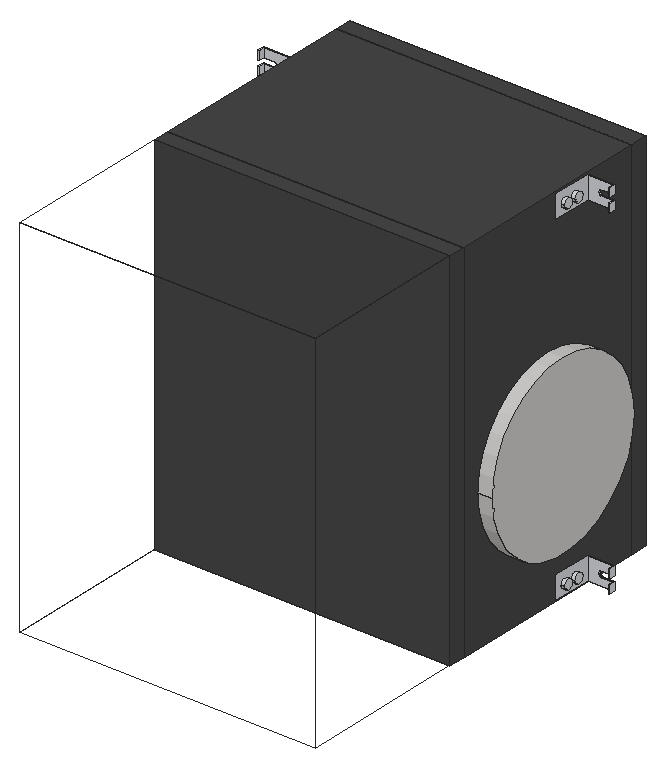
Revit family "Capsule V 310-1600", category Оборудование, Revit 2019
Family settings
  Размер круглого соединителя = Использовать диаметр
  Классификация = Нет
  Тип детали = Нормальный
  На основе рабочей плоскости = Нет
  Всегда вертикально = Да
  При загрузке вырезать с полостями = Нет
  Общий = Нет
  Точка расчета площади = Нет
Parameters (values of type "VBox 1600")
  угол = atan((Высота_вв * 2) / Dn)  # 9.72758°
  СЗ Справа [instance] = yes
  СЗ Слева [instance] = no
  СЗ_фильтры = 300 mm
  СЗ КА [instance] = yes
  Крепеж Y = 23 mm
  Крепеж X = 52.09 mm
  Защелка_от_оси = 28 mm
  Защелка X = 60.956 mm
  Высота_вв = 27 mm
  Толщина крышки = 30.5 mm
  С глубина = 437 mm
  ВВ_от_н_кр = 250 mm
  В_крепежа = 10 mm
  Dn = 315 mm
  B высота = 656 mm
  ADSK_Ток = 1.1 A
  ADSK_Свободный напор воздуха = 306.0 Pa
  ADSK_Расход воздуха приточный = 1600.0 m³/h
  ADSK_Примечание [instance] = ""
  ADSK_Позиция [instance] = ""
  ADSK_Номинальная мощность = 330 W
  ADSK_Напряжение = 220 V
  ADSK_Наименование = "Компактная вытяжная установка"  # constant formula
  ADSK_Масса = 70
  ADSK_Марка = "VBox 1600"
  ADSK_Количество фаз = 1
  ADSK_Количество = 1
  ADSK_Код изделия = ""
  ADSK_Завод-изготовитель = "ООО «Турков»"  # constant formula
  ADSK_Единица измерения = "шт."  # constant formula
  A ширина = 528 mm
  600+ = no
Types (4, lengths in mm): name | угол | СЗ_фильтры | Крепеж X | Защелка_от_оси | Защелка X | С глубина | ВВ_от_н_кр | Dn | B высота | ADSK_Ток | ADSK_Свободный напор воздуха | ADSK_Расход воздуха приточный | ADSK_Номинальная мощность | ADSK_Масса | ADSK_Марка | A ширина | 600+
  VBox 590 | 15.1096° | 300 | 52.09 | 28 | 60.956 | 280 | 165 | 200 | 452 | 1.2 A | 539.0 Pa | 510.0 m³/h | 160 W | 40 | "VBox 590" | 550 | yes
  VBox 400 | 18.6495° | 250 | 7.3 | 12 | 65.3 | 250 | 150 | 160 | 410 | 0.9 A | 490.0 Pa | 310.0 m³/h | 105 W | 35 | "VBox 400" | 590 | yes
  VBox 1100 | 12.1886° | 300 | 52.09 | 28 | 60.956 | 387 | 225 | 250 | 556 | 1.1 A | 140.0 Pa | 1100.0 m³/h | 165 W | 60 | "VBox 1100" | 528 | no
  VBox 1600 | 9.72758° | 300 | 52.09 | 28 | 60.956 | 437 | 250 | 315 | 656 | 1.1 A | 306.0 Pa | 1600.0 m³/h | 330 W | 70 | "VBox 1600" | 528 | no
Reference planes
  plane 1 "По центру (Вперед/Назад)": y = 0
  plane 2: z = 0
  plane 3 "По центру (Влево/Вправо)": x = 0
  plane 4: y = 218.5
  plane 5: x = 264
  plane 6: x = -264
  plane 7: y = -218.5
  plane 8: y = 188
  plane 9: y = -188
  plane 10: z = 656
  plane 11: z = 756
  plane 12: x = -291
  plane 13: x = 291
  plane 14: x = -274
  plane 15: x = 274
  plane 16: y = 518.5
  plane 17: y = -518.5
Forms (mm)
  Extrusion 1, solid, material "Сталь(1)", detail levels medium+fine
    sketch origin (0, 0, 0) x (1, 0, 0) y (0, 1, 0)
      loop
        line (-264, 188) -> (-264, -188) -> (264, -188) -> (264, 188) -> (-264, 188)
    from 0 to 656
  Extrusion 2, solid, material "Сталь(1)", detail levels medium+fine
    sketch origin (0, 0, 0) x (1, 0, 0) y (0, 1, 0)
      loop
        line (-264, 218.5) -> (-264, 188) -> (264, 188) -> (264, 218.5) -> (-264, 218.5)
      loop
        line (-264, -188) -> (-264, -218.5) -> (264, -218.5) -> (264, -188) -> (-264, -188)
    from 0 to 656
  Extrusion 3, solid, material "Сталь, Оцинкованная", detail levels medium+fine
    sketch origin (-264, 1693.855, 1200) x (0, 1, 0) y (0, 0, 1)
      loop
        circle (-1693.855, -950) r 157.5
    from 0 to -27
  Extrusion 4, solid, material "Сталь, Оцинкованная", detail levels medium+fine
    sketch origin (284, 1693.855, 1175.535) x (0, 1, 0) y (0, 0, -1)
      loop
        circle (-1693.855, 925.535) r 157.5
    from 20 to -7
  Extrusion 5, solid, material "Сервисная зона", visible <- "СЗ Слева", detail levels fine
    sketch origin (-708.552, -1524, 656) x (-1, 0, 0) y (0, -1, 0)
      loop
        line (-444.552, -2042.5) -> (-444.552, -1742.5) -> (-972.552, -1742.5) -> (-972.552, -2042.5) -> (-444.552, -2042.5)
    from 0 to -656
  Extrusion 6, solid, material "Сервисная зона", visible <- "СЗ Справа", detail levels fine
    sketch origin (0, 0, 0) x (1, 0, 0) y (0, 1, 0)
      loop
        line (-264, -218.5) -> (-264, -518.5) -> (264, -518.5) -> (264, -218.5) -> (-264, -218.5)
    from 0 to 656
Lines and regions (mm)
  reference lines
    curve 1: line (-264, 152.462, 22) -> (-264, -16.038, 22)
    curve 25: line (-225, 0, 240) -> (-225, 0, 265)
    curve 26: line (80, 0, 250) -> (70, 0, 250)
    curve 27: line (80, 0, 250) -> (80, 0, 270)
    curve 34: line (225, 0, 240) -> (225, 0, 265)
  model lines, detail levels coarse
    curve 2: line (68.5, 0, 656) -> (264, 0, 656)
    curve 3: line (-264, 0, 0) -> (-264, 0, 656)
    curve 4: line (264, 0, 0) -> (68.5, 0, 0)
    curve 5: line (264, 0, 656) -> (264, 0, 0)
    curve 6: line (264, 0, 250) -> (291, 0, 407.5)
    curve 7: line (291, 0, 407.5) -> (291, 0, 92.5)
    curve 8: line (291, 0, 92.5) -> (264, 0, 250)
    curve 9: line (-291, 0, 250) -> (-264, 0, 407.5)
    curve 10: line (-291, 0, 250) -> (-264, 0, 92.5)
    curve 11: circle (0, 0, 250) r 80 normal (0, -1, 0)
    curve 12: line (-80, 0, 250) -> (40, 0, 180.718)
    curve 13: line (40, 0, 180.718) -> (40, 0, 319.282)
    curve 14: line (40, 0, 319.282) -> (-80, 0, 250)
    curve 21: line (-225, 0, 250) -> (-80, 0, 250)
    curve 31: circle (200, 0, 250) r 25 normal (0, 1, 0)
    curve 32: line (235.355, 0, 285.355) -> (164.645, 0, 214.645)
    curve 33: line (175, 0, 250) -> (80, 0, 250)
  model lines
    curve 15: line (-264, 0, 656) -> (264, 0, 656)
    curve 16: line (-264, 0, 0) -> (264, 0, 0)
  model lines, not visible, detail levels coarse
    curve 17: circle (0, 0, 182.926) r 80 normal (0, -1, 0)
    curve 18: line (-80, 0, 182.926) -> (40, 0, 113.644)
    curve 19: line (40, 0, 113.644) -> (40, 0, 252.208)
    curve 20: line (40, 0, 252.208) -> (-80, 0, 182.926)
    curve 22: line (-225, 0, 182.926) -> (-80, 0, 182.926)
    curve 35: circle (200, 0, 182.926) r 25 normal (0, 1, 0)
    curve 36: line (235.355, 0, 218.281) -> (164.645, 0, 147.571)
    curve 37: line (175, 0, 182.926) -> (80, 0, 182.926)
  model lines, style "УГО", detail levels coarse
    curve 23: line (80, 0, 250) -> (264, 0, 250)
    curve 24: line (-225, 0, 250) -> (-264, 0, 250)
  reference lines, not visible
    curve 28: line (-225, 0, 172.926) -> (-225, 0, 197.926)
    curve 29: line (80, 0, 182.926) -> (70, 0, 182.926)
    curve 30: line (80, 0, 182.926) -> (80, 0, 202.926)
    curve 38: line (225, 0, 172.926) -> (225, 0, 197.926)
Dimensions and locks
  equal spacing: plane 6, plane 3 "По центру (Влево/Вправо)", plane 5
  equal spacing: plane 4, plane 1 "По центру (Вперед/Назад)", plane 7
  "A ширина": plane 6 to plane 5
  "С глубина": plane 4 to plane 7
  "Толщина крышки": plane 4 to plane 8
  "Толщина крышки": plane 9 to plane 7
  "B высота": plane 10 to plane 2
  plane 11 to plane 10 = 100 mm
  "ВВ_от_н_кр": Extrusion 3 sketch curve to plane 2
  "Высота_вв": plane 12 to plane 6
  Extrusion 4 to plane 2 = 250 mm
  "Высота_вв": plane 5 to plane 13
  "ВВ_от_н_кр": Extrusion 4 sketch curve to plane 2
  "В_крепежа": plane 6 to plane 14
  "В_крепежа": plane 15 to plane 5
  "СЗ_фильтры": plane 16 to plane 4
  "СЗ_фильтры": plane 7 to plane 17
  curve 11 to plane 6 = 264 mm
  "ВВ_от_н_кр": curve 10 to plane 2
  "ВВ_от_н_кр": curve 8 to plane 2
  "Dn": curve 9 to curve 10
  "Dn": curve 7 to curve 8
  "Защелка X": plane 6 to nested 4
  "Защелка X": plane 6 to nested 1
  "Защелка X": nested 3 to plane 5
  "Защелка X": nested 2 to plane 5
  "Защелка_от_оси": plane 1 "По центру (Вперед/Назад)" to nested 4
  "Защелка_от_оси": nested 1 to plane 1 "По центру (Вперед/Назад)"
  "Защелка_от_оси": plane 1 "По центру (Вперед/Назад)" to nested 3
  "Защелка_от_оси": nested 2 to plane 1 "По центру (Вперед/Назад)"
  "Защелка X": plane 6 to nested 8
  "Защелка X": plane 6 to nested 5
  "Защелка X": nested 7 to plane 5
  "Защелка X": nested 6 to plane 5
  "Защелка_от_оси": plane 1 "По центру (Вперед/Назад)" to nested 7
  "Защелка_от_оси": nested 6 to plane 1 "По центру (Вперед/Назад)"
  locked: plane 10 to nested 9 at 106
  "ВВ_от_н_кр": curve 26 to plane 2
  "ВВ_от_н_кр": curve 23 to plane 2
  "Крепеж Y": plane 10 to nested 10
  "Крепеж Y": plane 10 to nested 13
  "Крепеж Y": nested 12 to plane 2
  "Крепеж Y": nested 11 to plane 2
  "Крепеж X": nested 10 to plane 1 "По центру (Вперед/Назад)"
  "Крепеж X": plane 1 "По центру (Вперед/Назад)" to nested 13
  "Крепеж X": nested 11 to plane 1 "По центру (Вперед/Назад)"
  "Крепеж X": plane 1 "По центру (Вперед/Назад)" to nested 12
  "Крепеж Y": plane 10 to nested 15
  "Крепеж Y": plane 10 to nested 14
  "Крепеж X": nested 15 to plane 1 "По центру (Вперед/Назад)"
  "Крепеж X": plane 1 "По центру (Вперед/Назад)" to nested 14
  "Крепеж X": nested 16 to plane 1 "По центру (Вперед/Назад)"
  "Крепеж X": plane 1 "По центру (Вперед/Назад)" to nested 17
  "Крепеж Y": nested 16 to plane 2
  "Крепеж Y": nested 17 to plane 2
  "Dn": diameter of Extrusion 3 sketch curve
  "Dn": diameter of Extrusion 4 sketch curve
  "Dn": diameter of Extrusion 4
  locked: curve 13 to curve 12 (angle 60.00°)
  locked: curve 14 to curve 13 (angle 60.00°)
  "угол": angle curve 9 to plane 6
  "угол": angle plane 6 to curve 10
  "угол": angle curve 6 to plane 13
  "угол": angle plane 13 to curve 8
  locked: curve 19 to curve 18 (angle 60.00°)
  locked: curve 20 to curve 19 (angle 60.00°)
  aligned and locked: level to plane 2
  aligned and locked: Extrusion 1 sketch curve to plane 8
  aligned and locked: plane 6 to Extrusion 1 sketch curve
  aligned and locked: plane 9 to Extrusion 1 sketch curve
  aligned and locked: Extrusion 1 sketch curve to plane 5
  aligned and locked: plane 10 to Extrusion 1
  aligned and locked: plane 6 to Extrusion 2 sketch curve  (x2)
  aligned and locked: plane 8 to Extrusion 2 sketch curve
  aligned and locked: Extrusion 2 sketch curve to plane 5  (x2)
  aligned and locked: Extrusion 2 sketch curve to plane 4
  aligned and locked: Extrusion 2 sketch curve to plane 9
  aligned and locked: plane 7 to Extrusion 2 sketch curve
  aligned and locked: plane 10 to Extrusion 2
  aligned and locked: Extrusion 2 to plane 2
  aligned and locked: Extrusion 3 to plane 12
  aligned and locked: plane 6 to Extrusion 3
  aligned and locked: plane 13 to Extrusion 4
  aligned and locked: Extrusion 4 to plane 5
  aligned and locked: Extrusion 5 sketch curve to plane 16
  aligned and locked: plane 6 to Extrusion 5 sketch curve
  aligned and locked: plane 4 to Extrusion 5 sketch curve
  aligned and locked: Extrusion 5 sketch curve to plane 5
  aligned and locked: Extrusion 5 to plane 10  (x3)
  aligned and locked: Extrusion 5 to plane 2
  aligned and locked: plane 2 to Extrusion 5  (x2)
  aligned and locked: Extrusion 5 to plane 4
  aligned and locked: plane 4 to Extrusion 2
  aligned and locked: plane 16 to Extrusion 5
  aligned and locked: curve 2 to plane 10
  aligned and locked: plane 6 to curve 3
  aligned and locked: plane 2 to curve 4
  aligned and locked: curve 5 to plane 5
  aligned and locked: plane 5 to curve 8
  aligned and locked: curve 7 to plane 13
  aligned and locked: plane 6 to curve 9
  aligned and locked: plane 5 to Extrusion 4
  aligned and locked: curve 15 to plane 10
  aligned and locked: curve 16 to plane 2
  aligned and locked: plane 17 to Extrusion 6 sketch curve
  aligned and locked: Extrusion 6 sketch curve to plane 5
  aligned and locked: plane 6 to Extrusion 6 sketch curve
  aligned and locked: Extrusion 6 sketch curve to plane 7
  aligned and locked: plane 10 to Extrusion 6
  aligned and locked: nested 9 to plane 1 "По центру (Вперед/Назад)"
  aligned and locked: curve 25 to curve 24
  aligned and locked: curve 26 to curve 24
  aligned and locked: curve 23 to curve 26
  aligned and locked: curve 27 to curve 27
  aligned and locked: plane 2 to nested 5
  aligned and locked: plane 2 to nested 8
  aligned and locked: plane 2 to nested 6
  aligned and locked: plane 2 to nested 7
  aligned and locked: plane 6 to nested 10
  aligned and locked: plane 6 to nested 11
  aligned and locked: nested 11 to plane 6
  aligned and locked: plane 6 to nested 13
  aligned and locked: plane 6 to nested 12
  aligned and locked: nested 15 to plane 5
  aligned and locked: plane 5 to nested 15
  aligned and locked: nested 14 to plane 5
  aligned and locked: plane 5 to nested 14
  aligned and locked: plane 5 to nested 17
  aligned and locked: nested 16 to plane 5
  aligned and locked: curve 25 to curve 21
  aligned and locked: curve 33 to curve 27
  aligned and locked: curve 28 to curve 22
  aligned and locked: curve 37 to curve 30
Automatic sketch dimensions
  plane 1 "По центру (Вперед/Назад)" to curve 1 = 16.038 mm
  level to curve 1 = 22 mm
  curve 1 to plane 8 = 35.538 mm
  curve 26 to curve 26 = 10 mm
  curve 25 to curve 26 = 295 mm
  curve 27 to curve 34 = 145 mm
  curve 25 to curve 26 = 10 mm
  curve 34 to curve 26 = 10 mm
  curve 34 to curve 34 = 25 mm
  curve 25 to curve 25 = 25 mm
  curve 26 to curve 27 = 20 mm
  curve 11 to curve 31 = 200 mm
  curve 31 to curve 11 = 0 mm
  curve 12 to curve 11 = 80 mm
  curve 21 to curve 14 = 145 mm
  curve 13 to curve 33 = 40 mm
  curve 12 to curve 13 = 0 mm
  curve 14 to curve 13 = 0 mm
  curve 32 to curve 31 = 35.355 mm
  curve 33 to curve 31 = 25 mm
  curve 31 to curve 32 = 35.355 mm  (x2)
  curve 33 to curve 31 = 0 mm
  curve 32 to curve 33 = 35.355 mm
  curve 21 to curve 14 = 0 mm
  curve 29 to curve 29 = 10 mm
  curve 28 to curve 29 = 295 mm
  curve 30 to curve 38 = 145 mm
  curve 28 to curve 29 = 10 mm
  curve 38 to curve 29 = 10 mm
  curve 38 to curve 38 = 25 mm
  curve 28 to curve 28 = 25 mm
  curve 29 to curve 30 = 20 mm
  curve 17 to curve 35 = 200 mm
  curve 35 to curve 17 = 0 mm
  curve 18 to curve 17 = 80 mm
  curve 22 to curve 20 = 145 mm
  curve 19 to curve 37 = 40 mm
  curve 18 to curve 19 = 0 mm
  curve 20 to curve 19 = 0 mm
  curve 36 to curve 35 = 35.355 mm
  curve 37 to curve 35 = 25 mm
  curve 35 to curve 36 = 35.355 mm  (x2)
  curve 37 to curve 35 = 0 mm
  curve 36 to curve 37 = 35.355 mm
  curve 22 to curve 20 = 0 mm
  Extrusion 3 sketch curve to plane 1 "По центру (Вперед/Назад)" = 0 mm
  Extrusion 4 sketch curve to plane 1 "По центру (Вперед/Назад)" = 0 mm
  plane 3 "По центру (Влево/Вправо)" to curve 4 = 68.5 mm
  plane 3 "По центру (Влево/Вправо)" to curve 2 = 68.5 mm
  plane 3 "По центру (Влево/Вправо)" to curve 23 = 80 mm
Nested families
  nested 1: "Защелка" at (-203.044, -81.25, 656), visible <- "600+", type "Защелка", detail levels medium+fine
  nested 2: "Защелка" at (203.044, -81.25, 656), visible <- "600+", type "Защелка", detail levels medium+fine
  nested 3: "Защелка" at (203.044, 81.25, 656) x (-1, 0, 0) z (0, 0, 1), visible <- "600+", type "Защелка", detail levels medium+fine
  nested 4: "Защелка" at (-203.044, 81.25, 656) x (-1, 0, 0) z (0, 0, 1), visible <- "600+", type "Защелка", detail levels medium+fine
  nested 5: "Защелка" at (-203.044, -81.25, -14.3), visible <- "600+", type "Защелка", detail levels medium+fine
  nested 6: "Защелка" at (203.044, -81.25, -14.3), visible <- "600+", type "Защелка", detail levels medium+fine
  nested 7: "Защелка" at (203.044, 81.25, -14.3) x (-1, 0, 0) z (0, 0, 1), visible <- "600+", type "Защелка", detail levels medium+fine
  nested 8: "Защелка" at (-203.044, 81.25, -14.3) x (-1, 0, 0) z (0, 0, 1), visible <- "600+", type "Защелка", detail levels medium+fine
  nested 9: "коробочка на вв Capsule" at (-264, 0, 550) x (0, 0, -1) z (-1, 0, 0), type "коробочка на вв Capsule"
  nested 10: "Крепежный уголок" at (-264, 52.09, 633) x (0, 0, 1) z (-1, 0, 0), visible <- "СЗ Справа", type "Крепежный уголок", detail levels coarse+fine
    with СЗ Справа yes
  nested 11: "Крепежный уголок" at (-264, 52.09, 23) x (0, 0, 1) z (-1, 0, 0), visible <- "СЗ Справа", type "Крепежный уголок", detail levels coarse+fine
    with СЗ Справа yes
  nested 12: "Крепежный уголок" at (-264, -52.09, 23) x (0, 0, -1) z (-1, 0, 0), visible <- "СЗ Слева", type "Крепежный уголок", detail levels coarse+fine
    with СЗ Справа yes
  nested 13: "Крепежный уголок" at (-264, -52.09, 633) x (0, 0, -1) z (-1, 0, 0), visible <- "СЗ Слева", type "Крепежный уголок", detail levels coarse+fine
    with СЗ Справа yes
  nested 14: "Крепежный уголок" at (264, 52.09, 633) x (0, 0, -1) z (1, 0, 0), visible <- "СЗ Справа", type "Крепежный уголок", detail levels coarse+fine
    with СЗ Справа yes
  nested 15: "Крепежный уголок" at (264, -52.09, 633) x (0, 0, 1) z (1, 0, 0), visible <- "СЗ Слева", type "Крепежный уголок", detail levels coarse+fine
    with СЗ Справа yes
  nested 16: "Крепежный уголок" at (264, -52.09, 23) x (0, 0, 1) z (1, 0, 0), visible <- "СЗ Слева", type "Крепежный уголок", detail levels coarse+fine
    with СЗ Справа yes
  nested 17: "Крепежный уголок" at (264, 52.09, 23) x (0, 0, -1) z (1, 0, 0), visible <- "СЗ Справа", type "Крепежный уголок", detail levels coarse+fine
    with СЗ Справа yes
Connectors
  hvac at (291, 0, 250), driven by "Dn"
    settings: on Extrusion 4, index 1, duct flow 0.0 m³/h, flow factor 0, pres drop 0.0 Pa, loss coef 0, conn angle 0.00°, conn width 304.8 mm, conn height 304.8 mm, conn diameter 315 mm, duct sys type 3, conn prof type 0, flow config 0, flow direction 1, loss method 0, conn ref index -1, conn util no, is conn primary yes, conn desc ""
  hvac at (-291, 0, 250), driven by "Dn"
    settings: on Extrusion 3, index 2, duct flow 0.0 m³/h, flow factor 0, pres drop 0.0 Pa, loss coef 0, conn angle 0.00°, conn width 304.8 mm, conn height 304.8 mm, conn diameter 315 mm, duct sys type 3, conn prof type 0, flow config 0, flow direction 2, loss method 0, conn ref index -1, conn util no, is conn primary no, conn desc ""
Definition of nested family "Защелка"
  Parameters
    а = 22 mm
    Default Elevation = 1219.2 mm
  Reference planes
    plane 1 "По центру (Вперед/Назад)": y = 0
    plane 2: z = 0
    plane 3 "По центру (Влево/Вправо)": x = 0
  Forms (mm)
    Extrusion 1, solid
      sketch origin (0, 0, 0) x (1, 0, 0) y (0, 1, 0)
        loop
          line (-11, 53.25) -> (-11, -5.25) -> (-15, -53.25) -> (15, -53.25) -> (11, -5.25) -> (11, 53.25) -> (-11, 53.25)
      from 0 to 14.3
  Dimensions and locks
    equal spacing: Extrusion 1 sketch curve, plane 3 "По центру (Влево/Вправо)", Extrusion 1 sketch curve
    "а": Extrusion 1 sketch curve to Extrusion 1 sketch curve
    Extrusion 1 sketch curve to Extrusion 1 sketch curve = 106.5 mm
    equal spacing: Extrusion 1 sketch curve, plane 1 "По центру (Вперед/Назад)", Extrusion 1 sketch curve
    aligned and locked: level to plane 2
  Automatic sketch dimensions
    Extrusion 1 sketch curve to plane 3 "По центру (Влево/Вправо)" = 15 mm
    plane 3 "По центру (Влево/Вправо)" to Extrusion 1 sketch curve = 15 mm
    plane 1 "По центру (Вперед/Назад)" to Extrusion 1 sketch curve = 5.25 mm  (x2)
Definition of nested family "коробочка на вв Capsule"
  Parameters
    элпривод = 120 mm
    Default Elevation = 1219.2 mm
    R2 = 87.836 mm
    R1 = 78.7 mm
  Reference planes
    plane 1 "По центру (Вперед/Назад)": y = 0
    plane 2: z = 0
    plane 3 "По центру (Влево/Вправо)": x = 0
  Forms (mm)
    Extrusion 1, solid, detail levels medium+fine
      sketch origin (-98.918, -249.299, 0) x (0, 1, 0) y (-1, 0, 0)
        loop
          line (308.599, -65.118) -> (190, -65.118)
          arc (190, -65.118) -> (182.886, -98.848) -> (189.299, -132.718) r 87.836
          line (189.299, -132.718) -> (309.299, -132.718)
          arc (309.299, -132.718) -> (316.577, -98.839) -> (308.599, -65.118) r 78.7
      from 0 to 70
  Dimensions and locks
    "элпривод": Extrusion 1 sketch curve to Extrusion 1 sketch curve
    locked: Extrusion 1 sketch curve to Extrusion 1 sketch curve at 67.6
    equal spacing: Extrusion 1 sketch curve, plane 3 "По центру (Влево/Вправо)", Extrusion 1 sketch curve
    equal spacing: Extrusion 1 sketch curve, plane 1 "По центру (Вперед/Назад)", Extrusion 1 sketch curve  (x2)
    "R1": radius of Extrusion 1 sketch curve
    "R2": radius of Extrusion 1 sketch curve
    aligned and locked: level to plane 2
  Automatic sketch dimensions
    plane 1 "По центру (Вперед/Назад)" to Extrusion 1 sketch curve = 59.299 mm
Definition of nested family "Крепежный уголок"
  Parameters (values of type "Крепежный уголок")
    СЗ Справа [instance] = yes
    Default Elevation = 1219.2 mm
  Reference planes
    plane 1 "По центру (Вперед/Назад)": y = 0
    plane 2: z = 0
    plane 3 "По центру (Влево/Вправо)": x = 0
  Forms (mm)
    Sweep 1, solid, visible <- "СЗ Справа", detail levels medium+fine
      path origin (22, -1546.962, 413.552) x (0, 0, 1) y (0, -1, 0)
        loop
          line (-413.552, -1510.962) -> (-413.552, -1582.962) -> (-363.552, -1582.962) -> (-363.552, -1570.962)
      profile origin (22, 0, 0) x (0, 0, 1) y (1, 0, 0)
        loop
          line (0, -42) -> (2, -42) -> (2, -2) -> (0, -2) -> (0, -42)
    Extrusion 2, solid, visible <- "СЗ Справа", detail levels medium+fine
      sketch origin (848.212, 1677.217, 10) x (1, 0, 0) y (0, -1, 0)
        loop
          circle (-848.212, 1695.637) r 8.018
        loop
          circle (-848.212, 1672.218) r 8.147
      from 0 to 10
    Extrusion 3, void
      sketch origin (20, 34, 2) x (0, 0, -1) y (-1, 0, 0)
        loop
          line (-48, 25) -> (-48, 15) -> (-26, 15)
          arc (-26, 15) -> (-21, 20) -> (-26, 25) r 5
          line (-26, 25) -> (-48, 25)
      from 2 to -10
  Cuts and joins
    Extrusion 3 cuts Sweep 1
    Extrusion 3 cuts Extrusion 2
    joined: Sweep 1, Extrusion 2
  Dimensions and locks
    locked: Sweep 1 sketch curve to Sweep 1 sketch curve at 72
    locked: Sweep 1 sketch curve to Sweep 1 sketch curve at 50
    locked: Sweep 1 sketch curve to Sweep 1 sketch curve at 12
    locked: Sweep 1 sketch curve to Sweep 1 sketch curve at 40
    locked: Sweep 1 sketch curve to Sweep 1 sketch curve at 2
    locked: profile plane to Sweep 1 sketch curve at 2
    locked: Extrusion 2 sketch curve to Extrusion 2 sketch curve at 23.418
    equal spacing: Sweep 1 sketch curve, plane 1 "По центру (Вперед/Назад)", Sweep 1 sketch curve
    equal spacing: Sweep 1 sketch curve, plane 3 "По центру (Влево/Вправо)", Sweep 1 sketch curve
    Extrusion 2 sketch curve to plane 1 "По центру (Вперед/Назад)" = 18.419 mm
    diameter of Extrusion 2 sketch curve = 16.036 mm
    diameter of Extrusion 2 sketch curve = 16.295 mm
    aligned and locked: level to plane 2
    aligned and locked: plane 3 "По центру (Влево/Вправо)" to Extrusion 2 sketch curve
    aligned and locked: Extrusion 2 to plane 2
